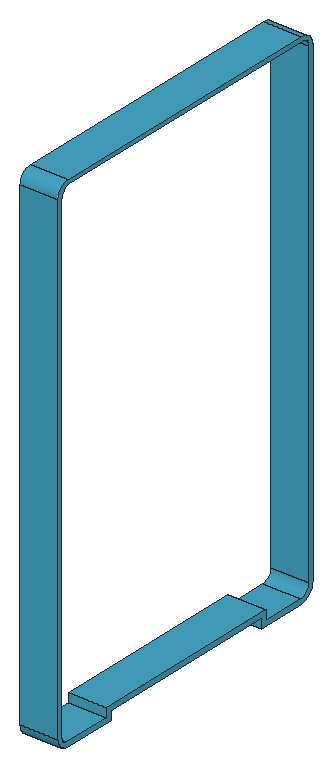
Revit family "product code 61219-S", category Meble, Revit 2021
Family settings
  Numer OmniClass = 23.40.20.00
  Tytuł OmniClass = General Furniture and Specialties
  Oparty na płaszczyźnie roboczej = Nie
  Zawsze pionowo = Tak
  Tnij formami wycięć po wczytaniu = Nie
  Współdzielony = Nie
  Punkt obliczania pomieszczeń = Nie
Parameters (values of type "61219-S")
  metal = Kobenhagen RAL 5012
  Width = "6 cm"
  Weight = "14 kg"
  URL = "https://kobenhagen.com/en_US/p/Frederiksberg-Bicycle-Stand-50-cm/152"
  Product line = "Frederiksberg"
  Product Groups = "Bicycle Stands"
  Producent = "Lars Laj"
  Keynote = ""
  Opis = "Frederiksberg Bicycle Stand 50 cm"
  Model = "61219-S-L"
  Material = "Powder coated steel"
  Maintenance = "We recommend to examine and tighten all screws and bolt clamps after a few weeks’ use. In order to prevent cracks and to extend the life of the wood, it is recommended that the wood details should be oiled every 3-5 years."
  Lenght = "50 cm"
  Type Comments = ""
  Kobenhagen Materials = "larslaj.com/bim"
  Hosted on larslaj.com = "https://larslaj.com/bim"
  Height = "80 cm"
  Domyślna rzędna = 0 mm
  Copyright = "All designs and drawings are the intellectual property of Lars Laj A/S and are protected by Danish and international copyright laws."
Reference planes
  plane 1 "front": y = 0
  plane 2: z = 0
  plane 3 "Środek (Lewa/Prawa)": x = 0
  plane 4 "back": y = 500
  plane 5: z = 705.918
Forms (mm)
  Extrusion 1, solid, material "Kobenhagen RAL 5012" <- "metal", not visible
    sketch origin (0, 0, 0) x (0, 1, 0) y (0, 0, 1)
      loop
        arc (71.187, 451.5) -> (57.045, 445.642) -> (51.187, 431.5) r 20
        line (51.187, 431.5) -> (51.187, 18.231)
        arc (51.187, 18.231) -> (56.527, 5.34) -> (69.418, 0) r 18.231
        line (69.418, 0) -> (153.638, 0) -> (153.638, 15) -> (448.638, 15) -> (448.638, 0) -> (527.023, 0)
        arc (527.023, 0) -> (542.307, 6.331) -> (548.638, 21.615) r 21.615
        line (548.638, 21.615) -> (548.638, 429.407)
        arc (548.638, 429.407) -> (542.168, 445.029) -> (526.545, 451.5) r 22.093
        line (526.545, 451.5) -> (71.187, 451.5)
    from 750.378 to 745
  Extrusion 2, solid, material "Kobenhagen RAL 5012" <- "metal", not visible
    sketch origin (0, 0, 0) x (0, 1, 0) y (0, 0, 1)
      loop
        line (548.638, 396.844) -> (629.375, 854.725) -> (601.836, 859.581)
        arc (601.836, 859.581) -> (585.224, 855.898) -> (576.082, 841.547) r 22.232
        line (576.082, 841.547) -> (507.306, 451.5) -> (526.545, 451.5)
        arc (526.545, 451.5) -> (542.168, 445.029) -> (548.638, 429.407) r 22.093
        line (548.638, 429.407) -> (548.638, 396.844)
    from 745 to 750.378
  Extrusion 3, solid, material "Kobenhagen Wood - Larch", not visible
    sketch origin (0, -896.088, 385.255) x (0, 1, 0) y (0, 0, 1)
      loop
        arc (244.222, 429.703) -> (240.686, 428.239) -> (239.222, 424.703) r 5
        line (239.222, 424.703) -> (239.222, 388.972)
        arc (239.222, 388.972) -> (239.796, 387.586) -> (241.182, 387.012) r 1.96
        line (241.182, 387.012) -> (327.222, 387.012)
        arc (327.222, 387.012) -> (328.636, 387.598) -> (329.222, 389.012) r 2
        line (329.222, 389.012) -> (329.222, 424.703)
        arc (329.222, 424.703) -> (327.757, 428.239) -> (324.222, 429.703) r 5
        line (324.222, 429.703) -> (244.222, 429.703)
    from -745.625 to 745.937
  Extrusion 4, solid, material "Kobenhagen Wood - Larch", not visible
    sketch origin (0, -998.538, 385.255) x (0, 1, 0) y (0, 0, 1)
      loop
        arc (252.671, 429.703) -> (249.136, 428.239) -> (247.671, 424.703) r 5
        line (247.671, 424.703) -> (247.671, 388.972)
        arc (247.671, 388.972) -> (248.245, 387.586) -> (249.631, 387.012) r 1.96
        line (249.631, 387.012) -> (335.671, 387.012)
        arc (335.671, 387.012) -> (337.085, 387.598) -> (337.671, 389.012) r 2
        line (337.671, 389.012) -> (337.671, 424.703)
        arc (337.671, 424.703) -> (336.207, 428.239) -> (332.671, 429.703) r 5
        line (332.671, 429.703) -> (252.671, 429.703)
    from -745.625 to 745.937
  Extrusion 5, solid, material "Kobenhagen Wood - Larch", not visible
    sketch origin (0, -1101.038, 385.255) x (0, 1, 0) y (0, 0, 1)
      loop
        arc (275.801, 429.704) -> (261.616, 423.828) -> (255.74, 409.642) r 20.061
        line (255.74, 409.642) -> (258.916, 409.642) -> (258.916, 387.013) -> (344.172, 387.013)
        arc (344.172, 387.013) -> (345.585, 387.598) -> (346.171, 389.012) r 1.999
        line (346.171, 389.012) -> (346.171, 424.706)
        arc (346.171, 424.706) -> (344.707, 428.24) -> (341.173, 429.704) r 4.998
        line (341.173, 429.704) -> (275.801, 429.704)
    from -745.625 to 745.937
  Extrusion 6, solid, material "Kobenhagen RAL 5012" <- "metal", not visible
    sketch origin (0, -896.058, 363.795) x (0, 1, 0) y (0, 0, 1)
      loop
        line (53.936, 431.102) -> (51.187, 431.102) -> (51.187, 407.787) -> (53.936, 407.787) -> (53.936, 431.102)
    from -745.625 to 745.937
  Extrusion 7, solid, material "Kobenhagen Wood - Larch", not visible
    sketch origin (0, 162.946, 385.255) x (0, -1, 0) y (0, 0, -1)
      loop
        line (275.801, -429.704) -> (342.815, -429.704)
        arc (342.815, -429.704) -> (346.349, -428.24) -> (347.813, -424.706) r 4.998
        line (347.813, -424.706) -> (347.813, -389.012)
        arc (347.813, -389.012) -> (347.227, -387.598) -> (345.813, -387.013) r 1.999
        line (345.813, -387.013) -> (258.705, -387.013) -> (258.705, -409.642) -> (255.74, -409.642)
        arc (255.74, -409.642) -> (261.616, -423.828) -> (275.801, -429.704) r 20.061
    from -745.625 to 745.938
  Extrusion 8, solid, material "Kobenhagen RAL 5012" <- "metal", not visible
    sketch origin (0, -41.823, 363.795) x (0, -1, 0) y (0, 0, -1)
      loop
        line (53.936, -431.102) -> (53.936, -407.787) -> (51.187, -407.787) -> (51.187, -431.102) -> (53.936, -431.102)
    from -745.625 to 745.938
  Extrusion 9, solid, material "Kobenhagen Wood - Larch", not visible
    sketch origin (0, -707.338, 385.255) x (0, 1, 0) y (0, 0, 1)
      loop
        arc (244.222, 429.703) -> (240.686, 428.239) -> (239.222, 424.703) r 5
        line (239.222, 424.703) -> (239.222, 388.972)
        arc (239.222, 388.972) -> (239.796, 387.586) -> (241.182, 387.012) r 1.96
        line (241.182, 387.012) -> (327.222, 387.012)
        arc (327.222, 387.012) -> (328.636, 387.598) -> (329.222, 389.012) r 2
        line (329.222, 389.012) -> (329.222, 424.703)
        arc (329.222, 424.703) -> (327.757, 428.239) -> (324.222, 429.703) r 5
        line (324.222, 429.703) -> (244.222, 429.703)
    from -745.625 to 745.937
  Extrusion 10, solid, material "Kobenhagen Wood - Larch", not visible
    sketch origin (0, -809.788, 385.255) x (0, 1, 0) y (0, 0, 1)
      loop
        arc (252.671, 429.703) -> (249.136, 428.239) -> (247.671, 424.703) r 5
        line (247.671, 424.703) -> (247.671, 388.972)
        arc (247.671, 388.972) -> (248.245, 387.586) -> (249.631, 387.012) r 1.96
        line (249.631, 387.012) -> (335.671, 387.012)
        arc (335.671, 387.012) -> (337.085, 387.598) -> (337.671, 389.012) r 2
        line (337.671, 389.012) -> (337.671, 424.703)
        arc (337.671, 424.703) -> (336.207, 428.239) -> (332.671, 429.703) r 5
        line (332.671, 429.703) -> (252.671, 429.703)
    from -745.625 to 745.937
  Extrusion 11, solid, material "Kobenhagen Wood - Larch", not visible
    sketch origin (0, -519.338, 385.255) x (0, 1, 0) y (0, 0, 1)
      loop
        arc (244.222, 429.703) -> (240.686, 428.239) -> (239.222, 424.703) r 5
        line (239.222, 424.703) -> (239.222, 388.972)
        arc (239.222, 388.972) -> (239.796, 387.586) -> (241.182, 387.012) r 1.96
        line (241.182, 387.012) -> (327.222, 387.012)
        arc (327.222, 387.012) -> (328.636, 387.598) -> (329.222, 389.012) r 2
        line (329.222, 389.012) -> (329.222, 424.703)
        arc (329.222, 424.703) -> (327.757, 428.239) -> (324.222, 429.703) r 5
        line (324.222, 429.703) -> (244.222, 429.703)
    from -745.625 to 745.937
  Extrusion 12, solid, material "Kobenhagen Wood - Larch", not visible
    sketch origin (0, -621.788, 385.255) x (0, 1, 0) y (0, 0, 1)
      loop
        arc (252.671, 429.703) -> (249.136, 428.239) -> (247.671, 424.703) r 5
        line (247.671, 424.703) -> (247.671, 388.972)
        arc (247.671, 388.972) -> (248.245, 387.586) -> (249.631, 387.012) r 1.96
        line (249.631, 387.012) -> (335.671, 387.012)
        arc (335.671, 387.012) -> (337.085, 387.598) -> (337.671, 389.012) r 2
        line (337.671, 389.012) -> (337.671, 424.703)
        arc (337.671, 424.703) -> (336.207, 428.239) -> (332.671, 429.703) r 5
        line (332.671, 429.703) -> (252.671, 429.703)
    from -745.625 to 745.937
  Extrusion 13, solid, material "Kobenhagen RAL 5012" <- "metal"
    sketch origin (870, -51.25, 0) x (0, 1, 0) y (0, 0, 1)
      loop
        line (551.451, 23.296) -> (551.451, 779.812)
        arc (551.451, 779.812) -> (545.593, 793.955) -> (531.451, 799.812) r 20
        line (531.451, 799.812) -> (71.187, 799.812)
        arc (71.187, 799.812) -> (57.045, 793.955) -> (51.187, 779.812) r 20
        line (51.187, 779.812) -> (51.187, 18.763)
        arc (51.187, 18.763) -> (56.683, 5.495) -> (69.95, 0) r 18.763
        line (69.95, 0) -> (153.638, 0) -> (153.638, 15) -> (451.451, 15) -> (451.451, 0) -> (528.155, 0)
        arc (528.155, 0) -> (544.628, 6.823) -> (551.451, 23.296) r 23.296
      loop
        arc (73.645, 793.812) -> (61.887, 788.942) -> (57.017, 777.184) r 16.628
        line (57.017, 777.184) -> (57.017, 18.763)
        arc (57.017, 18.763) -> (60.315, 10.799) -> (68.279, 7.5) r 11.263
        line (68.279, 7.5) -> (146.138, 7.5) -> (146.138, 22.5) -> (458.951, 22.5) -> (458.951, 7.5) -> (529.516, 7.5)
        arc (529.516, 7.5) -> (540.685, 12.127) -> (545.312, 23.296) r 15.796
        line (545.312, 23.296) -> (545.312, 780.419)
        arc (545.312, 780.419) -> (541.389, 789.89) -> (531.918, 793.812) r 13.394
        line (531.918, 793.812) -> (73.645, 793.812)
    from -893.125 to -833.125
Lines and regions (mm)
  model lines, style "9"
    curve 1: line (264.233, -99.489, 0) -> (264.233, -93.489, 0)
    curve 2: line (264.233, -399.489, 0) -> (264.233, -405.489, 0)
    curve 3: line (-304.767, -99.489, 0) -> (-304.767, -93.489, 0)
    curve 4: line (-304.767, -399.489, 0) -> (-304.767, -405.489, 0)
    curve 5: line (-281.767, -99.489, 0) -> (-281.767, -93.489, 0)
    curve 6: line (-281.767, -399.489, 0) -> (-281.767, -405.489, 0)
    curve 7: line (0, -245.5, 21) -> (0, -239.5, 21)
    curve 8: line (0, -445.5, 21) -> (0, -451.5, 21)
    curve 9: line (0, -194.867, 21.088) -> (0, -188.867, 21.088)
    curve 10: line (0, -744.867, 21.088) -> (0, -750.867, 21.088)
    curve 11: line (0, 199.767, 21) -> (0, 205.767, 21)
Dimensions and locks
  Extrusion 3 sketch curve to Extrusion 3 sketch curve = 90 mm
  Extrusion 3 sketch curve to Extrusion 3 sketch curve = 42.691 mm
  Extrusion 4 sketch curve to Extrusion 4 sketch curve = 90 mm
  Extrusion 4 sketch curve to Extrusion 4 sketch curve = 42.691 mm
  Extrusion 5 sketch curve to Extrusion 5 sketch curve = 42.691 mm
  Extrusion 7 sketch curve to Extrusion 7 sketch curve = 42.691 mm
  Extrusion 9 sketch curve to Extrusion 9 sketch curve = 90 mm
  Extrusion 9 sketch curve to Extrusion 9 sketch curve = 42.691 mm
  Extrusion 10 sketch curve to Extrusion 10 sketch curve = 90 mm
  Extrusion 10 sketch curve to Extrusion 10 sketch curve = 42.691 mm
  Extrusion 11 sketch curve to Extrusion 11 sketch curve = 90 mm
  Extrusion 11 sketch curve to Extrusion 11 sketch curve = 42.691 mm
  Extrusion 12 sketch curve to Extrusion 12 sketch curve = 90 mm
  Extrusion 12 sketch curve to Extrusion 12 sketch curve = 42.691 mm
  plane 4 "back" to plane 1 "front" = 500 mm
  aligned and locked: level to plane 2
